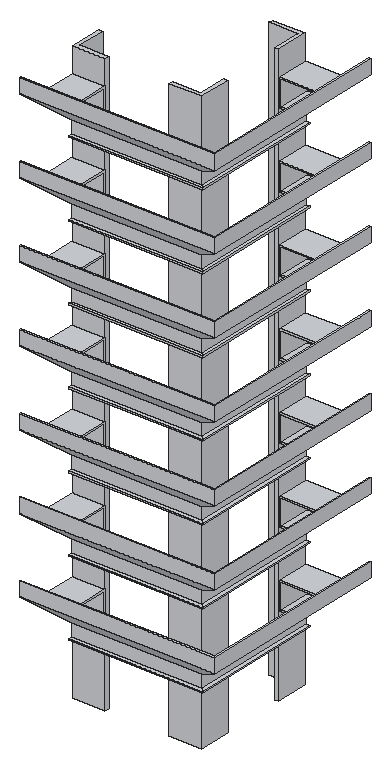
Revit family "ES-EL-4 (Mitered Corner)", category Mechanical Equipment, Revit 2015
Parameters
  URL = "http://unitedenertech.com/catalog/pdf/A_47%20ES-EL-4.pdf"
  Type Comments = "Size Limited to (12\"w x 12\"l)"
  Model = "ES-EL-4 (Mitered Corner)"
  Manufacturer = "United Enertech Corporation"
  Exact Height = 3' - 0"
  Description = "4\" Aluminum Equipment Screen Mitered Corner"
  Blade Spacing = 0' - 4.63"
  Blade Number [instance] = rounddown(Exact Height / 0' 4 161/256")  # 7
Reference planes (in)
  plane 1 "Center (Front/Back)": y = 0
  plane 2: z = 0
  plane 3 "Center (Left/Right)": x = 0
  plane 4: z = 36
  plane 5: x = -7.95178
  plane 6: y = 7.95178
Forms (in)
  Extrusion 1, solid
    sketch origin (0, 0, 0) x (1, 0, 0) y (0, 1, 0)
      loop
        line (0, 0) -> (0, 2) -> (-0.25, 2) -> (-0.25, 0.25) -> (-2, 0.25) -> (-2, 0) -> (0, 0)
    from 0 to 36
Dimensions and locks (in)
  "Exact Height": plane 4 to level
  equal spacing: group 1, group 2, group 3, group 4, group 5, group 6, group 7  (x2)
  equal spacing: group 7, group 6, group 5, group 4, group 3, group 2, group 1
  "Blade Spacing": nested 1 to nested 2
  nested 1 to nested 1 = 1' - 0"  (x2)
  aligned and locked: level to plane 2
  aligned and locked: nested 1 to plane 1 "Center (Front/Back)"
  aligned and locked: nested 1 to plane 3 "Center (Left/Right)"
  aligned and locked: plane 4 to Extrusion 1
  aligned and locked: plane 4 to nested 1
  aligned and locked: nested 1 to nested 2
Automatic sketch dimensions
  plane 1 "Center (Front/Back)" to Extrusion 1 sketch curve = 0' - 0"
  Extrusion 1 sketch curve to plane 3 "Center (Left/Right)" = 0' - 0"
  Extrusion 1 sketch curve to Extrusion 1 sketch curve = 0' - 0 1/4"
  Extrusion 1 sketch curve to plane 1 "Center (Front/Back)" = 0' - 0 1/4"
  Extrusion 1 sketch curve to Extrusion 1 sketch curve = 0' - 1 3/4"  (x2)
Nested families (in)
  nested 1: "MITERBLADE" at (4.04822, -4.04822, 27.54991), type "MITERBLADE"
  nested 2: "MITERBLADE" at (4.04822, -4.04822, 22.91991), type "MITERBLADE"
  nested 3: "MITERBLADE" at (4.04822, -4.04822, 18.28991), type "MITERBLADE"
  nested 4: "MITERBLADE" at (4.04822, -4.04822, 13.65991), type "MITERBLADE"
  nested 5: "MITERBLADE" at (4.04822, -4.04822, 9.02991), type "MITERBLADE"
  nested 6: "MITERBLADE" at (4.04822, -4.04822, 4.39991), type "MITERBLADE"
  nested 7: "MITERBLADE" at (4.04822, -4.04822, -0.23009), type "MITERBLADE"
  nested 8: "ESEL4BRACEFAM" at (0, 7.95178, 0) x (0, 1, 0) z (0, 0, 1), type "ESEL4BRACEFAM"
    with BN 7, BH 3' - 0"
  nested 9: "ESEL4BRACEFAM" at (-7.95178, 0, 0) x (-1, 0, 0) z (0, 0, 1), type "ESEL4BRACEFAM"
    with BN 7, BH 3' - 0"
Definition of nested family "MITERBLADE"
  Reference planes (in)
    plane 1 "Center (Front/Back)": y = 0
    plane 2: z = 0
    plane 3 "Center (Left/Right)": x = 0
  Forms (in)
    Extrusion 1, solid
      sketch origin (-12, -3.25788, 4.26923) x (0, 1, 0) y (0, 0, 1)
        loop
          line (3.33831, 4.18086) -> (3.25788, 4.18086) -> (3.25788, 3.28631) -> (7.22538, 0.12496) -> (7.22538, -0.63832) -> (6.98461, -0.63832) -> (6.98461, -0.71932) -> (7.3061, -0.71932) -> (7.3061, 0.16421) -> (6.61953, 0.71127) -> (6.67581, 0.7499) -> (6.70866, 0.80279) -> (6.71871, 0.85379) -> (6.71518, 0.8919) -> (6.63589, 0.8757)
          arc (6.63589, 0.8757) -> (6.50151, 0.80676) -> (6.5856, 0.93222) r 0.078
          line (6.5856, 0.93222) -> (6.60764, 1.01448) -> (6.54962, 1.01729) -> (6.47816, 0.99506) -> (6.43258, 0.95401) -> (6.40131, 0.88515) -> (4.60176, 2.31906) -> (4.6545, 2.35403) -> (4.69581, 2.42607) -> (4.69841, 2.49502) -> (4.67833, 2.55197) -> (4.60821, 2.50765)
          arc (4.60821, 2.50765) -> (4.50512, 2.39768) -> (4.53979, 2.54437) r 0.078
          line (4.53979, 2.54437) -> (4.53979, 2.62932) -> (4.47398, 2.61012) -> (4.42443, 2.57344) -> (4.40013, 2.53817) -> (4.38212, 2.49407) -> (3.33831, 3.32579) -> (3.33831, 4.18086)
      from 0 to 12
    Extrusion 2, solid
      sketch origin (3.25788, 12, 4.26923) x (-1, 0, 0) y (0, 0, -1)
        loop
          line (3.33831, -4.18086) -> (3.33831, -3.32579) -> (4.38212, -2.49407) -> (4.40013, -2.53817) -> (4.42443, -2.57344) -> (4.47398, -2.61012) -> (4.53979, -2.62932) -> (4.53979, -2.54437)
          arc (4.53979, -2.54437) -> (4.50512, -2.39768) -> (4.60821, -2.50765) r 0.078
          line (4.60821, -2.50765) -> (4.67833, -2.55197) -> (4.69841, -2.49502) -> (4.69581, -2.42607) -> (4.6545, -2.35403) -> (4.60176, -2.31906) -> (6.40131, -0.88515) -> (6.43258, -0.95401) -> (6.47816, -0.99506) -> (6.54962, -1.01729) -> (6.60764, -1.01448) -> (6.5856, -0.93222)
          arc (6.5856, -0.93222) -> (6.50151, -0.80676) -> (6.63589, -0.8757) r 0.078
          line (6.63589, -0.8757) -> (6.71518, -0.8919) -> (6.71871, -0.85379) -> (6.70866, -0.80279) -> (6.67581, -0.7499) -> (6.61953, -0.71127) -> (7.3061, -0.16421) -> (7.3061, 0.71932) -> (6.98461, 0.71932) -> (6.98461, 0.63832) -> (7.22538, 0.63832) -> (7.22538, -0.12496) -> (3.25788, -3.28631) -> (3.25788, -4.18086) -> (3.33831, -4.18086)
      from 0 to 12
    Extrusion 3, void
      sketch origin (-10.14458, -1.52346, 0) x (1, 0, 0) y (0, 1, 0)
        loop
          line (5.3599, 6.30814) -> (10.30964, 1.3584) -> (18.30964, 1.3584) -> (18.30964, 7.3584) -> (5.3599, 6.30814)
      from 0 to 12
    Extrusion 4, void
      sketch origin (-15.72629, -2.175, 0) x (1, 0, 0) y (0, 1, 0)
        loop
          line (10.64327, 7.25802) -> (5.33045, 8.32084) -> (5.33045, 1.07084) -> (16.83045, 1.07084) -> (10.64327, 7.25802)
      from 0 to 12
  Cuts and joins
    Extrusion 3 cuts Extrusion 1
    Extrusion 4 cuts Extrusion 2
  Dimensions and locks (in)
    aligned and locked: level to plane 2
Definition of nested family "ESEL4BRACEFAM"
  Parameters (values of type "ESEL4BRACEFAM")
    Bracing = 0' - 4.63"
    BN [instance] = rounddown(BH / 0' 4 161/256")  # 10
    BH = 4' - 0"
  Reference planes (in)
    plane 1 "Center (Front/Back)": y = 0
    plane 2: z = 0
    plane 3 "Center (Left/Right)": x = 0
    plane 4: z = 48
    plane 5: z = 46.46875
  Forms (in)
    Extrusion 1, solid
      sketch origin (-10.25943, -0.51941, 0) x (1, 0, 0) y (0, 1, 0)
        loop
          line (8.25943, 0.51941) -> (10.25943, 0.51941) -> (10.25943, 2.51941) -> (10.00943, 2.51941) -> (10.00943, 0.76941) -> (8.25943, 0.76941) -> (8.25943, 0.51941)
      from 0 to 48
  Dimensions and locks (in)
    "BH": plane 4 to level
    locked: plane 4 to plane 5 at 1.53125
    equal spacing: group 1, group 2, group 3, group 4, group 5, group 6, group 7, group 8, group 9, group 10  (x2)
    equal spacing: group 10, group 9, group 8, group 7, group 6, group 5, group 4, group 3, group 2, group 1
    "Bracing": nested 2 to nested 1
    aligned and locked: level to plane 2
    aligned and locked: plane 4 to Extrusion 1
    aligned and locked: Extrusion 1 to level
    aligned and locked: plane 3 "Center (Left/Right)" to nested 1
    aligned and locked: plane 3 "Center (Left/Right)" to Extrusion 1
    aligned and locked: plane 5 to nested 1
    aligned and locked: nested 2 to nested 1
  Automatic sketch dimensions
    plane 1 "Center (Front/Back)" to Extrusion 1 sketch curve = 0' - 0"
    Extrusion 1 sketch curve to plane 3 "Center (Left/Right)" = 0' - 0"
    Extrusion 1 sketch curve to plane 3 "Center (Left/Right)" = 0' - 0 1/4"
    Extrusion 1 sketch curve to Extrusion 1 sketch curve = 0' - 1 3/4"  (x2)
    Extrusion 1 sketch curve to plane 1 "Center (Front/Back)" = 0' - 0 1/4"
  Nested families (in)
    nested 1: "ESEL4BRACE" at (-1, -4.058, 39.53594), type "ESEL4BRACE"
    nested 2: "ESEL4BRACE" at (-1, -4.058, 34.90594), type "ESEL4BRACE"
    nested 3: "ESEL4BRACE" at (-1, -4.058, 30.27594), type "ESEL4BRACE"
    nested 4: "ESEL4BRACE" at (-1, -4.058, 25.64594), type "ESEL4BRACE"
    nested 5: "ESEL4BRACE" at (-1, -4.058, 21.01594), type "ESEL4BRACE"
    nested 6: "ESEL4BRACE" at (-1, -4.058, 16.38594), type "ESEL4BRACE"
    nested 7: "ESEL4BRACE" at (-1, -4.058, 11.75594), type "ESEL4BRACE"
    nested 8: "ESEL4BRACE" at (-1, -4.058, 7.12594), type "ESEL4BRACE"
    nested 9: "ESEL4BRACE" at (-1, -4.058, 2.49594), type "ESEL4BRACE"
    nested 10: "ESEL4BRACE" at (-1, -4.058, -2.13406), type "ESEL4BRACE"
  Definition of nested family "ESEL4BRACE"
    Parameters (values of type "ESEL4BRACE")
      Brace Length = 0' - 2"
    Reference planes (in)
      plane 1 "Center (Front/Back)": y = 0
      plane 2: z = 0
      plane 3 "Center (Left/Right)": x = 0
      plane 4: x = -1
      plane 5: x = 1
    Forms (in)
      Extrusion 1, solid
        sketch origin (0.54365, -3.88733, 3.34368) x (0, 1, 0) y (0, 0, 1)
          loop
            arc (5.20403, 3.46709) -> (5.17014, 3.35625) -> (5.25491, 3.4353) r 0.06
            line (5.25491, 3.4353) -> (5.2923, 3.49513) -> (7.85133, 3.49513) -> (7.85133, 1.96548) -> (7.35816, 1.96548) -> (7.22451, 1.84086)
            arc (7.22451, 1.84086) -> (7.16309, 1.74256) -> (7.26543, 1.79698) r 0.06
            line (7.26543, 1.79698) -> (7.34533, 1.87148) -> (7.94533, 1.87148) -> (7.94533, 3.58913) -> (5.28029, 3.58913) -> (5.20403, 3.46709)
        from -1.54365 to 0.45635
    Dimensions and locks (in)
      equal spacing: plane 4, plane 3 "Center (Left/Right)", plane 5
      "Brace Length": plane 4 to plane 5
      aligned and locked: level to plane 2
      aligned and locked: plane 4 to Extrusion 1
      aligned and locked: plane 5 to Extrusion 1
    Automatic sketch dimensions
      Extrusion 1 sketch curve to plane 1 "Center (Front/Back)" = 0' - 1.31461"
      Extrusion 1 sketch curve to Extrusion 1 sketch curve = 0' - 0.00209"
      Extrusion 1 sketch curve to Extrusion 1 sketch curve = 0' - 0.05088"
      Extrusion 1 sketch curve to Extrusion 1 sketch curve = 0' - 0.07626"
      Extrusion 1 sketch curve to Extrusion 1 sketch curve = 0' - 0.03739"
      Extrusion 1 sketch curve to Extrusion 1 sketch curve = 0' - 1.95206"
      Extrusion 1 sketch curve to Extrusion 1 sketch curve = 0' - 0.01754"
      Extrusion 1 sketch curve to Extrusion 1 sketch curve = 0' - 0.05846"
      Extrusion 1 sketch curve to Extrusion 1 sketch curve = 0' - 0.07989"
      Extrusion 1 sketch curve to Extrusion 1 sketch curve = 0' - 0.01283"
      Extrusion 1 sketch curve to Extrusion 1 sketch curve = 0' - 0.49318"
      Extrusion 1 sketch curve to Extrusion 1 sketch curve = 0' - 0.094"  (x3)
      level to Extrusion 1 sketch curve = 0' - 5.12716"
      Extrusion 1 sketch curve to Extrusion 1 sketch curve = 0' - 0.0135"
      Extrusion 1 sketch curve to Extrusion 1 sketch curve = 0' - 0.0745"
      Extrusion 1 sketch curve to Extrusion 1 sketch curve = 0' - 1.56627"
      Extrusion 1 sketch curve to Extrusion 1 sketch curve = 0' - 0.02817"
      Extrusion 1 sketch curve to Extrusion 1 sketch curve = 0' - 0.05983"
